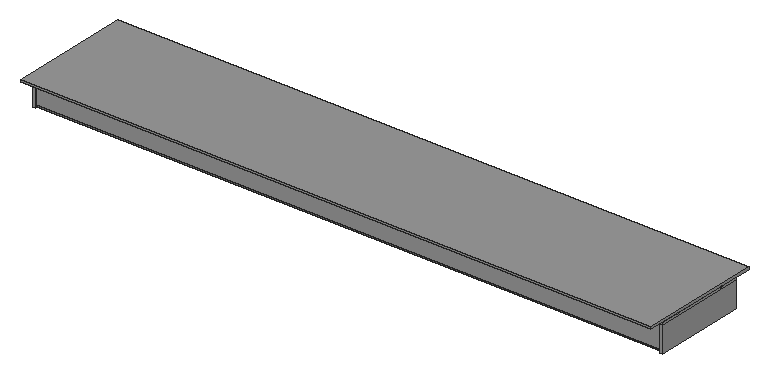
Revit family "Berica 2.2 M", category Lighting Fixtures, Revit 2020 (continued)
Definition of nested family "Light Source Berica 2.2"
  Types (4, lengths in mm): name | Photometric Web File | built-in parameter 1150142
    diffuse | "BERICA 2.2 D [3000K 54W 230Vac].IES" | "IESNA:LM-63-2002\r\n[TEST] 20201109-1427\r\n[TESTLAB] L&L\r\n[TESTDATE] 9 Nov 2020\r\n[ISSUEDATE] 9 Nov 2020\r\n[MANUFAC] L&L\r\n[LUMCAT] BERICA 2.2 D [3000K 54W 230Vac]\r\n[LUMINAIRE] BERICA 2.2 D [3000K 54W 230Vac]\r\n[FLASHAREA] 0.002806\r\n[LAMPCAT] Midpower LED\r\n[LAMP] Midpower LED\r\nTILT=NONE\r\n128 41.25 1.0 181 73 1 2 0.020 0.580 0.000\r\n1.00 1.00 54.00\r\n0.00 1.00 2.00 3.00 4.00 5.00 6.00 7.00 8.00 9.00 10.00 \r\n11.00 12.00 13.00 14.00 15.00 16.00 17.00 18.00 19.00 \r\n20.00 21.00 22.00 23.00 24.00 25.00 26.00 27.00 28.00 \r\n29.00 30.00 31.00 32.00 33.00 34.00 35.00 36.00 37.00 \r\n38.00 39.00 40.00 41.00 42.00 43.00 44.00 45.00 46.00 \r\n47.00 48.00 49.00 50.00 51.00 52.00 53.00 54.00 55.00 \r\n56.00 57.00 58.00 59.00 60.00 61.00 62.00 63.00 64.00 \r\n65.00 66.00 67.00 68.00 69.00 70.00 71.00 72.00 73.00 \r\n74.00 75.00 76.00 77.00 78.00 79.00 80.00 81.00 82.00 \r\n83.00 84.00 85.00 86.00 87.00 88.00 89.00 90.00 91.00 \r\n92.00 93.00 94.00 95.00 96.00 97.00 98.00 99.00 100.00 \r\n101.00 102.00 103.00 104.00 105.00 106.00 107.00 108.00 \r\n109.00 110.00 111.00 112.00 113.00 114.00 115.00 116.00 \r\n117.00 118.00 119.00 120.00 121.00 122.00 123.00 124.00 \r\n125.00 126.00 127.00 128.00 129.00 130.00 131.00 132.00 \r\n133.00 134.00 135.00 136.00 137.00 138.00 139.00 140.00 \r\n141.00 142.00 143.00 144.00 145.00 146.00 147.00 148.00 \r\n149.00 150.00 151.00 152.00 153.00 154.00 155.00 156.00 \r\n157.00 158.00 159.00 160.00 161.00 162.00 163.00 164.00 \r\n165.00 166.00 167.00 168.00 169.00 170.00 171.00 172.00 \r\n173.00 174.00 175.00 176.00 177.00 178.00 179.00 180.00 \r\n0.00 5.00 10.00 15.00 20.00 25.00 30.00 35.00 40.00 45.00 \r\n50.00 55.00 60.00 65.00 70.00 75.00 80.00 85.00 90.00 \r\n95.00 100.00 105.00 110.00 115.00 120.00 125.00 130.00 \r\n135.00 140.00 145.00 150.00 155.00 160.00 165.00 170.00 \r\n175.00 180.00 185.00 190.00 195.00 200.00 205.00 210.00 \r\n215.00 220.00 225.00 230.00 235.00 240.00 245.00 250.00 \r\n255.00 260.00 265.00 270.00 275.00 280.00 285.00 290.00 \r\n295.00 300.00 305.00 310.00 315.00 320.00 325.00 330.00 \r\n335.00 340.00 345.00 350.00 355.00 360.00 \r\n933.48 933.55 933.81 933.17 932.20 930.48 928.17 925.45 \r\n923.11 921.02 918.60 915.47 912.42 908.38 904.02 899.59 \r\n895.82 891.03 885.89 880.22 873.23 866.13 859.12 853.04 \r\n844.82 837.13 827.98 819.02 809.56 799.84 790.27 779.49 \r\n768.61 757.40 747.06 734.44 721.98 708.44 694.83 680.47 \r\n666.73 650.99 636.76 620.38 604.33 586.64 570.11 552.79 \r\n534.95 517.52 499.28 480.86 460.95 442.49 423.45 406.70 \r\n387.16 369.15 351.53 333.96 316.11 299.11 282.12 266.57 \r\n249.35 235.50 221.62 206.85 193.29 179.59 166.56 154.07 \r\n142.31 130.56 120.63 109.40 99.69 89.22 80.73 70.83 63.05 \r\n54.56 47.32 39.74 32.69 26.08 19.66 13.65 8.62 4.82 3.65 \r\n4.82 8.62 13.65 19.66 26.08 32.69 39.74 47.32 54.56 63.05 \r\n70.83 80.73 89.22 99.69 109.40 120.63 130.56 142.31 \r\n154.07 166.56 179.59 193.29 206.85 221.62 235.50 249.35 \r\n266.57 282.12 299.11 316.11 333.96 351.53 369.15 387.16 \r\n406.70 423.45 442.49 460.95 480.86 499.28 517.52 534.95 \r\n552.79 570.11 586.64 604.33 620.38 636.76 650.99 666.73 \r\n680.47 694.83 708.44 721.98 734.44 747.06 757.40 768.61 \r\n779.49 790.27 799.84 809.56 819.02 827.98 837.13 844.82 \r\n853.04 859.12 866.13 873.23 880.22 885.89 891.03 895.82 \r\n899.59 904.02 908.38 912.42 915.47 918.60 921.02 923.11 \r\n925.45 928.17 930.48 932.20 933.17 933.81 933.55 933.48 \r\n933.48 933.28 933.33 932.62 931.11 929.56 927.07 924.88 \r\n922.54 920.25 917.75 914.91 911.53 907.52 904.10 899.66 \r\n895.46 890.83 885.82 879.90 873.45 867.07 860.84 853.63 \r\n845.89 838.02 829.68 821.52 811.40 801.82 793.36 783.37 \r\n772.84 762.61 751.51 740.03 728.00 715.26 702.82 687.99 \r\n674.69 661.34 646.34 630.88 615.90 598.35 583.10 566.02 \r\n549.80 532.00 514.04 495.95 479.51 460.46 443.83 425.62 \r\n407.58 390.92 371.81 356.12 339.26 322.24 305.55 290.49 \r\n273.42 260.21 244.31 230.89 216.53 202.67 190.08 177.99 \r\n165.97 154.55 143.62 132.22 122.31 111.11 101.99 92.82 \r\n84.08 75.01 67.31 59.18 52.07 44.71 37.78 31.55 25.73 \r\n21.81 20.48 21.81 25.73 31.55 37.78 44.71 52.07 59.18 \r\n67.31 75.01 84.08 92.82 101.99 111.11 122.31 132.22 \r\n143.62 154.55 165.97 177.99 190.08 202.67 216.53 230.89 \r\n244.31 260.21 273.42 290.49 305.55 322.24 339.26 356.12 \r\n371.81 390.92 407.58 425.62 443.83 460.46 479.51 495.95 \r\n514.04 532.00 549.80 566.02 583.10 598.35 615.90 630.88 \r\n646.34 661.34 674.69 687.99 702.82 715.26 728.00 740.03 \r\n751.51 762.61 772.84 783.37 793.36 801.82 811.40 821.52 \r\n829.68 838.02 845.89 853.63 860.84 867.07 873.45 879.90 \r\n885.82 890.83 895.46 899.66 904.10 907.52 911.53 914.91 \r\n917.75 920.25 922.54 924.88 927.07 929.56 931.11 932.62 \r\n933.33 933.28 933.48 \r\n933.48 933.31 933.37 933.14 931.84 929.86 927.51 925.34 \r\n923.18 921.12 919.09 916.67 913.10 910.20 906.23 902.30 \r\n897.83 893.90 889.11 884.05 878.28 872.60 866.54 859.98 \r\n853.36 846.15 838.51 829.69 822.10 812.25 805.30 795.67 \r\n786.46 776.91 766.63 755.61 745.43 734.36 721.80 709.77 \r\n695.84 684.51 669.72 656.24 641.51 627.11 612.48 598.72 \r\n581.60 567.31 550.28 534.05 517.91 501.27 484.93 468.68 \r\n452.45 434.62 418.05 400.87 385.54 367.19 351.72 335.09 \r\n319.47 303.93 289.98 274.13 259.70 244.83 230.74 218.09 \r\n204.32 192.77 180.19 167.98 155.93 145.16 133.55 123.97 \r\n112.44 104.06 95.13 86.96 78.93 71.88 64.69 58.29 52.78 \r\n48.78 47.87 48.78 52.78 58.29 64.69 71.88 78.93 86.96 \r\n95.13 104.06 112.44 123.97 133.55 145.16 155.93 167.98 \r\n180.19 192.77 204.32 218.09 230.74 244.83 259.70 274.13 \r\n289.98 303.93 319.47 335.09 351.72 367.19 385.54 400.87 \r\n418.05 434.62 452.45 468.68 484.93 501.27 517.91 534.05 \r\n550.28 567.31 581.60 598.72 612.48 627.11 641.51 656.24 \r\n669.72 684.51 695.84 709.77 721.80 734.36 745.43 755.61 \r\n766.63 776.91 786.46 795.67 805.30 812.25 822.10 829.69 \r\n838.51 846.15 853.36 859.98 866.54 872.60 878.28 884.05 \r\n889.11 893.90 897.83 902.30 906.23 910.20 913.10 916.67 \r\n919.09 921.12 923.18 925.34 927.51 929.86 931.84 933.14 \r\n933.37 933.31 933.48 \r\n933.48 933.22 933.10 932.48 931.76 929.71 927.63 926.01 \r\n924.18 922.60 920.40 918.65 916.16 913.24 909.36 906.31 \r\n903.27 899.57 895.85 891.33 886.71 880.95 875.46 869.88 \r\n863.81 857.41 850.85 843.99 836.02 828.25 822.27 814.99 \r\n807.02 798.33 789.84 782.03 772.25 763.38 753.14 743.00 \r\n732.39 721.15 709.73 698.94 687.26 675.18 664.20 650.24 \r\n638.55 624.53 610.78 596.24 582.35 566.48 552.06 535.73 \r\n520.82 504.37 488.02 470.83 454.04 437.53 419.74 401.68 \r\n383.78 366.69 349.71 332.95 316.22 299.60 282.59 266.76 \r\n251.58 235.87 220.90 205.98 192.89 178.61 166.63 154.33 \r\n144.01 133.67 124.22 115.73 108.07 100.48 94.47 88.36 \r\n83.34 80.20 78.80 80.20 83.34 88.36 94.47 100.48 108.07 \r\n115.73 124.22 133.67 144.01 154.33 166.63 178.61 192.89 \r\n205.98 220.90 235.87 251.58 266.76 282.59 299.60 316.22 \r\n332.95 349.71 366.69 383.78 401.68 419.74 437.53 454.04 \r\n470.83 488.02 504.37 520.82 535.73 552.06 566.48 582.35 \r\n596.24 610.78 624.53 638.55 650.24 664.20 675.18 687.26 \r\n698.94 709.73 721.15 732.39 743.00 753.14 763.38 772.25 \r\n782.03 789.84 798.33 807.02 814.99 822.27 828.25 836.02 \r\n843.99 850.85 857.41 863.81 869.88 875.46 880.95 886.71 \r\n891.33 895.85 899.57 903.27 906.31 909.36 913.24 916.16 \r\n918.65 920.40 922.60 924.18 926.01 927.63 929.71 931.76 \r\n932.48 933.10 933.22 933.48 \r\n933.48 933.25 933.61 933.33 932.26 930.60 928.93 927.79 \r\n926.56 925.50 923.91 922.46 920.47 918.12 915.39 912.57 \r\n910.43 907.68 904.24 900.68 896.49 891.87 887.78 882.84 \r\n878.26 873.95 868.50 863.63 857.20 851.61 847.97 841.62 \r\n836.06 829.79 823.71 817.60 811.15 804.20 797.40 789.55 \r\n782.13 774.37 766.33 758.60 750.69 741.40 732.69 722.90 \r\n712.51 701.60 689.43 677.95 664.36 650.02 635.29 619.95 \r\n603.35 587.64 569.00 551.30 531.82 511.39 492.27 471.49 \r\n451.04 430.85 409.55 389.67 369.23 348.13 328.37 308.41 \r\n290.13 272.51 254.98 238.87 223.53 208.01 195.02 182.11 \r\n171.22 160.80 152.26 144.39 137.55 130.78 124.59 119.63 \r\n115.15 111.89 111.07 111.89 115.15 119.63 124.59 130.78 \r\n137.55 144.39 152.26 160.80 171.22 182.11 195.02 208.01 \r\n223.53 238.87 254.98 272.51 290.13 308.41 328.37 348.13 \r\n369.23 389.67 409.55 430.85 451.04 471.49 492.27 511.39 \r\n531.82 551.30 569.00 587.64 603.35 619.95 635.29 650.02 \r\n664.36 677.95 689.43 701.60 712.51 722.90 732.69 741.40 \r\n750.69 758.60 766.33 774.37 782.13 789.55 797.40 804.20 \r\n811.15 817.60 823.71 829.79 836.06 841.62 847.97 851.61 \r\n857.20 863.63 868.50 873.95 878.26 882.84 887.78 891.87 \r\n896.49 900.68 904.24 907.68 910.43 912.57 915.39 918.12 \r\n920.47 922.46 923.91 925.50 926.56 927.79 928.93 930.60 \r\n932.26 933.33 933.61 933.25 933.48 \r\n933.48 933.17 933.08 932.77 932.01 931.05 929.77 928.93 \r\n927.89 927.62 927.07 925.82 924.29 922.70 920.60 919.15 \r\n917.84 915.71 913.54 911.07 908.11 905.49 903.07 900.07 \r\n897.18 894.01 890.62 887.72 884.02 880.40 879.46 876.20 \r\n872.91 869.80 866.15 862.85 859.25 855.82 852.05 848.02 \r\n844.52 839.92 835.01 829.89 823.80 817.87 811.57 804.04 \r\n795.32 785.26 773.97 761.76 748.47 733.50 718.87 700.40 \r\n682.23 661.81 641.08 619.97 595.48 572.06 547.80 521.91 \r\n498.40 475.36 449.58 425.65 401.67 379.92 356.40 336.07 \r\n315.04 296.56 278.23 261.47 246.12 230.99 217.65 207.53 \r\n197.15 187.73 179.97 172.71 167.34 161.00 155.66 150.77 \r\n146.78 143.58 142.41 143.58 146.78 150.77 155.66 161.00 \r\n167.34 172.71 179.97 187.73 197.15 207.53 217.65 230.99 \r\n246.12 261.47 278.23 296.56 315.04 336.07 356.40 379.92 \r\n401.67 425.65 449.58 475.36 498.40 521.91 547.80 572.06 \r\n595.48 619.97 641.08 661.81 682.23 700.40 718.87 733.50 \r\n748.47 761.76 773.97 785.26 795.32 804.04 811.57 817.87 \r\n823.80 829.89 835.01 839.92 844.52 848.02 852.05 855.82 \r\n859.25 862.85 866.15 869.80 872.91 876.20 879.46 880.40 \r\n884.02 887.72 890.62 894.01 897.18 900.07 903.07 905.49 \r\n908.11 911.07 913.54 915.71 917.84 919.15 920.60 922.70 \r\n924.29 925.82 927.07 927.62 927.89 928.93 929.77 931.05 \r\n932.01 932.77 933.08 933.17 933.48 \r\n933.48 933.59 933.63 933.45 933.15 932.23 931.52 931.18 \r\n931.27 931.05 930.81 930.17 929.59 928.81 927.91 927.53 \r\n926.78 925.76 925.03 923.79 922.86 921.88 921.19 919.75 \r\n918.49 917.92 917.56 917.53 916.95 916.37 918.21 917.88 \r\n917.39 917.27 917.27 916.38 915.68 914.70 913.86 912.60 \r\n910.80 908.99 906.77 903.53 899.25 894.38 888.41 881.03 \r\n871.97 862.88 850.32 836.80 820.40 803.41 783.20 760.23 \r\n737.58 713.92 686.99 659.22 631.84 603.94 576.27 548.36 \r\n519.85 492.21 466.50 439.88 416.40 392.29 370.02 348.16 \r\n329.09 308.90 291.96 277.93 264.04 251.12 240.29 230.08 \r\n221.68 213.80 207.09 200.82 195.04 190.13 184.99 180.93 \r\n176.66 173.61 172.03 173.61 176.66 180.93 184.99 190.13 \r\n195.04 200.82 207.09 213.80 221.68 230.08 240.29 251.12 \r\n264.04 277.93 291.96 308.90 329.09 348.16 370.02 392.29 \r\n416.40 439.88 466.50 492.21 519.85 548.36 576.27 603.94 \r\n631.84 659.22 686.99 713.92 737.58 760.23 783.20 803.41 \r\n820.40 836.80 850.32 862.88 871.97 881.03 888.41 894.38 \r\n899.25 903.53 906.77 908.99 910.80 912.60 913.86 914.70 \r\n915.68 916.38 917.27 917.27 917.39 917.88 918.21 916.37 \r\n916.95 917.53 917.56 917.92 918.49 919.75 921.19 921.88 \r\n922.86 923.79 925.03 925.76 926.78 927.53 927.91 928.81 \r\n929.59 930.17 930.81 931.05 931.27 931.18 931.52 932.23 \r\n933.15 933.45 933.63 933.59 933.48 \r\n933.48 933.34 933.08 933.23 933.14 932.79 932.66 933.00 \r\n932.99 933.31 933.59 933.99 934.62 934.61 935.10 935.86 \r\n936.45 936.95 937.08 937.33 937.80 939.26 940.81 941.85 \r\n943.30 944.88 946.58 949.19 951.39 953.94 959.47 961.94 \r\n964.24 966.53 968.83 970.72 972.74 973.77 974.95 975.33 \r\n975.09 974.47 973.00 971.08 966.87 961.49 954.37 946.31 \r\n935.85 922.91 906.89 889.48 869.55 845.04 822.46 792.65 \r\n765.58 734.69 704.47 672.21 642.15 611.78 579.72 548.37 \r\n520.22 493.36 464.98 440.82 416.09 394.23 371.15 352.61 \r\n333.43 318.75 304.74 291.89 280.28 269.53 259.81 251.68 \r\n244.11 237.85 232.59 227.09 222.41 217.02 212.78 208.74 \r\n204.33 201.42 200.22 201.42 204.33 208.74 212.78 217.02 \r\n222.41 227.09 232.59 237.85 244.11 251.68 259.81 269.53 \r\n280.28 291.89 304.74 318.75 333.43 352.61 371.15 394.23 \r\n416.09 440.82 464.98 493.36 520.22 548.37 579.72 611.78 \r\n642.15 672.21 704.47 734.69 765.58 792.65 822.46 845.04 \r\n869.55 889.48 906.89 922.91 935.85 946.31 954.37 961.49 \r\n966.87 971.08 973.00 974.47 975.09 975.33 974.95 973.77 \r\n972.74 970.72 968.83 966.53 964.24 961.94 959.47 953.94 \r\n951.39 949.19 946.58 944.88 943.30 941.85 940.81 939.26 \r\n937.80 937.33 937.08 936.95 936.45 935.86 935.10 934.61 \r\n934.62 933.99 933.59 933.31 932.99 933.00 932.66 932.79 \r\n933.14 933.23 933.08 933.34 933.48 \r\n933.48 933.36 933.47 933.99 934.21 934.30 934.80 935.31 \r\n935.80 936.21 937.51 938.67 940.21 941.70 943.45 945.34 \r\n946.92 949.27 951.25 953.22 956.19 959.18 962.78 966.47 \r\n970.70 974.67 979.25 983.30 988.55 993.47 1001.89 1006.90 \r\n1011.90 1015.58 1019.39 1022.86 1026.47 1029.53 1031.87 \r\n1033.18 1033.23 1032.59 1030.59 1027.01 1021.68 1013.98 \r\n1004.29 992.27 977.48 959.15 939.42 917.47 889.40 862.03 \r\n828.13 799.09 763.78 731.76 698.25 665.02 629.66 598.83 \r\n566.46 535.90 509.11 480.73 456.74 432.15 410.91 388.61 \r\n371.73 354.38 341.51 327.25 315.59 304.74 295.20 286.38 \r\n278.66 272.02 265.79 259.62 254.78 250.79 246.27 242.38 \r\n237.88 234.02 230.02 226.86 225.99 226.86 230.02 234.02 \r\n237.88 242.38 246.27 250.79 254.78 259.62 265.79 272.02 \r\n278.66 286.38 295.20 304.74 315.59 327.25 341.51 354.38 \r\n371.73 388.61 410.91 432.15 456.74 480.73 509.11 535.90 \r\n566.46 598.83 629.66 665.02 698.25 731.76 763.78 799.09 \r\n828.13 862.03 889.40 917.47 939.42 959.15 977.48 992.27 \r\n1004.29 1013.98 1021.68 1027.01 1030.59 1032.59 1033.23 \r\n1033.18 1031.87 1029.53 1026.47 1022.86 1019.39 1015.58 \r\n1011.90 1006.90 1001.89 993.47 988.55 983.30 979.25 \r\n974.67 970.70 966.47 962.78 959.18 956.19 953.22 951.25 \r\n949.27 946.92 945.34 943.45 941.70 940.21 938.67 937.51 \r\n936.21 935.80 935.31 934.80 934.30 934.21 933.99 933.47 \r\n933.36 933.48 \r\n933.48 932.91 933.28 933.89 934.32 934.79 935.80 936.96 \r\n937.50 938.87 940.76 942.98 944.92 947.39 950.53 953.78 \r\n957.83 961.25 965.00 969.45 974.28 979.39 984.83 990.56 \r\n997.44 1003.76 1010.28 1017.18 1023.91 1030.44 1040.35 \r\n1046.76 1053.38 1059.36 1064.56 1069.90 1074.40 1077.75 \r\n1080.11 1081.17 1080.94 1078.67 1074.27 1068.31 1059.85 \r\n1047.40 1033.94 1018.02 996.40 974.03 947.74 917.89 \r\n885.47 851.82 817.36 783.39 745.64 710.73 676.30 642.11 \r\n607.98 575.18 544.48 517.63 490.26 465.95 442.17 421.57 \r\n403.54 386.45 371.53 358.94 346.64 335.19 325.60 316.35 \r\n308.92 301.63 295.43 290.41 285.01 280.39 276.48 272.07 \r\n268.38 264.36 260.31 256.51 252.59 249.79 248.35 249.79 \r\n252.59 256.51 260.31 264.36 268.38 272.07 276.48 280.39 \r\n285.01 290.41 295.43 301.63 308.92 316.35 325.60 335.19 \r\n346.64 358.94 371.53 386.45 403.54 421.57 442.17 465.95 \r\n490.26 517.63 544.48 575.18 607.98 642.11 676.30 710.73 \r\n745.64 783.39 817.36 851.82 885.47 917.89 947.74 974.03 \r\n996.40 1018.02 1033.94 1047.40 1059.85 1068.31 1074.27 \r\n1078.67 1080.94 1081.17 1080.11 1077.75 1074.40 1069.90 \r\n1064.56 1059.36 1053.38 1046.76 1040.35 1030.44 1023.91 \r\n1017.18 1010.28 1003.76 997.44 990.56 984.83 979.39 \r\n974.28 969.45 965.00 961.25 957.83 953.78 950.53 947.39 \r\n944.92 942.98 940.76 938.87 937.50 936.96 935.80 934.79 \r\n934.32 933.89 933.28 932.91 933.48 \r\n933.48 933.15 933.51 934.62 935.62 936.88 938.07 939.47 \r\n940.73 942.74 945.55 948.45 950.97 954.48 958.84 963.92 \r\n969.22 974.62 981.09 986.79 994.08 1000.41 1008.23 \r\n1016.67 1025.07 1032.86 1041.49 1049.74 1058.29 1066.75 \r\n1077.63 1084.83 1091.53 1098.47 1104.53 1109.71 1113.79 \r\n1117.18 1119.12 1118.96 1117.05 1112.07 1105.02 1095.54 \r\n1081.47 1064.33 1045.05 1022.88 996.45 971.14 937.59 \r\n904.15 867.28 830.34 790.16 756.01 716.95 683.29 647.13 \r\n613.87 581.48 550.93 523.38 496.35 472.57 450.90 430.02 \r\n414.36 399.62 386.33 374.02 361.86 351.97 342.94 335.20 \r\n327.51 321.61 316.11 310.77 306.04 302.49 298.39 295.10 \r\n291.32 287.60 283.97 279.94 276.48 273.16 270.06 268.72 \r\n270.06 273.16 276.48 279
